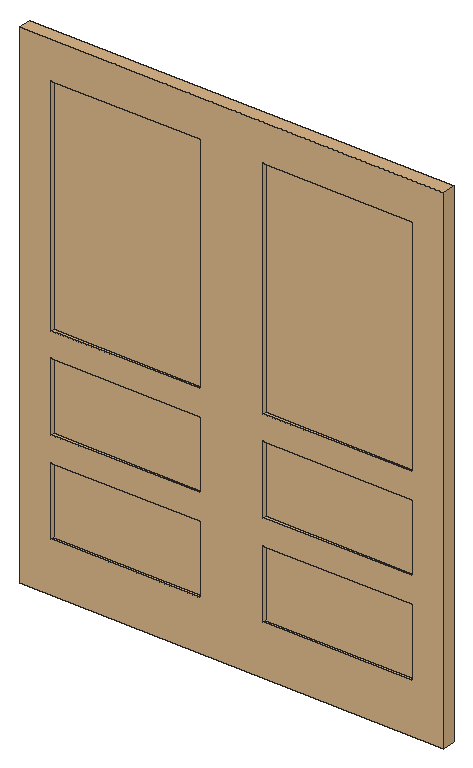
Revit family "0014_M_DR_W_double-panel 1_no trim", category 문, Revit 2026
Family settings
  호스트 = 벽
  항상 수직 = 예
  로드될 때 보이드를 사용하여 절단 = 아니오
  공유 = 아니오
  룸 계산 점 = 아니오
Parameters (values of type "68" x 80"")
  두께 = 0' - 2"
  조합 코드 = "C1020"
  기능 = 내부
  Door Material = Door - Panel
  Frame Material = Door - Frame
  Height = 6' - 8"
  Rail Width-Center = 0' - 4"
  Top Panel = 3' - 0"
  벽 마무리 = 호스트별
  Width = 5' - 8"
Types (6): name | 두께 | 조합 코드 | Height | Rail Width-Center | Top Panel | Width
  72" x 78" | 0' - 2" | "C1020" | 6' - 6" | 0' - 4" | 3' - 0" | 6' - 0"
  72" x 82" | 0' - 2" | "C1020" | 6' - 10" | 0' - 4" | 3' - 0" | 6' - 0"
  68" x 80" | 0' - 2" | "C1020" | 6' - 8" | 0' - 4" | 3' - 0" | 5' - 8"
  72" x 84" | 0' - 2" | "C1020" | 7' - 0" | 0' - 4" | 3' - 0" | 6' - 0"
  68" x 84" | 0' - 2" | "C1020" | 7' - 0" | 0' - 4" | 3' - 0" | 5' - 8"
  1830 x 2134mm | 0' - 1 31/32" | 0' - 0" | 7' - 0 1/64" | 0' - 3 15/16" | 3' - 0 3/128" | 6' - 0 3/64"
Reference planes (in)
  plane 1: y = 0
  plane 2: z = 0
  plane 3 "Center": x = 0
  plane 4 "Left": x = -34
  plane 5 "Right": x = 34
  plane 6 "Top": z = 80
  plane 7: z = 74
  plane 8: z = 38
  plane 9: z = 34
  plane 10: z = 23
  plane 11: z = 19
  plane 12: z = 8
  plane 13: x = 29
  plane 14: x = 5
  plane 15: x = -5
  plane 16: x = -29
Forms (in)
  Extrusion 1, solid, material "Door - Panel" <- "Door Material"
    sketch origin (-90, 4, 0) x (-1, 0, 0) y (0, 0, 1)
      loop
        line (-124, 80) -> (-124, 0) -> (-56, 0) -> (-56, 80) -> (-124, 80)
      loop
        line (-119, 74) -> (-119, 38) -> (-95, 38) -> (-95, 74) -> (-119, 74)
      loop
        line (-95, 23) -> (-95, 34) -> (-119, 34) -> (-119, 23) -> (-95, 23)
      loop
        line (-95, 19) -> (-119, 19) -> (-119, 8) -> (-95, 8) -> (-95, 19)
      loop
        line (-61, 74) -> (-85, 74) -> (-85, 38) -> (-61, 38) -> (-61, 74)
      loop
        line (-85, 34) -> (-85, 23) -> (-61, 23) -> (-61, 34) -> (-85, 34)
      loop
        line (-61, 8) -> (-61, 19) -> (-85, 19) -> (-85, 8) -> (-61, 8)
    from -3 to -1
  Extrusion 2, solid, material "Door - Panel" <- "Door Material"
    sketch origin (-90, 3, 0) x (-1, 0, 0) y (0, 0, 1)
      loop
        line (-119, 74) -> (-119, 38) -> (-95, 38) -> (-95, 74) -> (-119, 74)
      loop
        line (-95, 23) -> (-95, 34) -> (-119, 34) -> (-119, 23) -> (-95, 23)
      loop
        line (-95, 19) -> (-119, 19) -> (-119, 8) -> (-95, 8) -> (-95, 19)
      loop
        line (-61, 74) -> (-85, 74) -> (-85, 38) -> (-61, 38) -> (-61, 74)
      loop
        line (-85, 34) -> (-85, 23) -> (-61, 23) -> (-61, 34) -> (-85, 34)
      loop
        line (-85, 19) -> (-85, 8) -> (-61, 8) -> (-61, 19) -> (-85, 19)
    from -0.5 to -1.5
Lines and regions (in)
  Opening 1
    outline origin (-90, -3, 0) x (1, 0, 0) y (0, 0, 1)
      loop
        line (56, 0) -> (124, 0) -> (124, 80) -> (56, 80) -> (56, 0)
  symbolic lines, style "Elevation Swing"
    curve 1: line (0, 3, 0) -> (-34, 3, 40)
    curve 2: line (-34, 3, 40) -> (0, 3, 80)
    curve 11: line (0, 3, 80) -> (34, 3, 40)
    curve 12: line (0, 3, 0) -> (34, 3, 40)
    curve 13: line (0, -3, 80) -> (34, -3, 40)
    curve 14: line (0, -3, 0) -> (34, -3, 40)
  symbolic lines, style "DoorsPanelProjection"
    curve 3: line (-34, 3, 0) -> (-32, 3, 0)
    curve 4: line (-34, 3, 0) -> (-34, 37, 0)
    curve 5: line (-34, 37, 0) -> (-32, 37, 0)
    curve 6: line (-32, 3, 0) -> (-32, 37, 0)
    curve 7: line (34, 3, 0) -> (32, 3, 0)
    curve 8: line (34, 3, 0) -> (34, 37, 0)
    curve 9: line (32, 37, 0) -> (34, 37, 0)
    curve 10: line (32, 3, 0) -> (32, 37, 0)
  symbolic lines, style "Plan Swing"
    curve 15: arc (0, 3, 0) -> (-9.95837, 27.04163, 0) -> (-34, 37, 0) r 34
    curve 16: arc (0, 3, 0) -> (9.95837, 27.04163, 0) -> (34, 37, 0) r 34
  model lines, style "DoorsPanelProjection"
    curve 17: line (0, 3, 80) -> (0, 3, 0)
    curve 18: line (0, 1, 80) -> (0, 1, 0)
Text (in)
  text "Exterior" at (-58.67754, 33.12601, 0), in view "Floor Line"
  text "Interior" at (-58.34764, -25.14366, 0), in view "Floor Line"
  text "Exterior" at (0, 40.15149, 123.01588), in view "Right"
  text "Interior" at (0, -64.39139, 123.01588), in view "Right"
  text "Interior" at (0, -31.01599, 123.00693), in view "Left"
  text "Exterior" at (0, 54.57065, 123.00693), in view "Left"
Dimensions and locks (in)
  equal spacing: plane 4 "Left", plane 3 "Center", plane 5 "Right"  (x2)
  "Height": plane 2 to plane 6 "Top"
  equal spacing: host wall, curve 2, plane 6 "Top"
  "두께": curve 6 to curve 4
  "두께": curve 8 to curve 10
  equal spacing: host wall, curve 12, plane 6 "Top"
  locked: host wall to plane 12 at 8
  equal spacing: plane 12, plane 10, plane 8
  "Top Panel": plane 8 to plane 7
  plane 7 to plane 6 "Top" = 0' - 6"
  "Rail Width-Center": plane 9 to plane 8
  "Rail Width-Center": plane 11 to plane 10
  locked: plane 13 to plane 5 "Right" at 5
  locked: plane 16 to plane 4 "Left" at 5
  locked: plane 14 to plane 15 at 10
  "두께": Extrusion 1 to host wall
  locked: Extrusion 1 to Extrusion 2 at 0.5
  locked: host wall to Extrusion 2 at 0.5
  "Width": plane 4 "Left" to plane 5 "Right"
  aligned and locked: plane 4 "Left" to Opening 1 sketch curve
  aligned and locked: plane 6 "Top" to Opening 1 sketch curve  (x2)
  aligned and locked: Opening 1 sketch curve to plane 5 "Right"
  aligned and locked: Opening 1 sketch curve to level
  aligned and locked: plane 6 "Top" to curve 2
  aligned and locked: level to curve 1
  aligned and locked: Extrusion 1 sketch curve to plane 4 "Left"
  aligned and locked: plane 13 to Extrusion 1 sketch curve  (x2)
  aligned and locked: plane 7 to Extrusion 1 sketch curve
  aligned and locked: plane 8 to Extrusion 1 sketch curve  (x2)
  aligned and locked: plane 14 to Extrusion 1 sketch curve  (x3)
  aligned and locked: Extrusion 1 sketch curve to plane 10
  aligned and locked: plane 9 to Extrusion 1 sketch curve  (x2)
  aligned and locked: Extrusion 1 sketch curve to plane 13
  aligned and locked: Extrusion 1 sketch curve to plane 11
  aligned and locked: plane 12 to Extrusion 1 sketch curve
  aligned and locked: plane 16 to Extrusion 1 sketch curve  (x3)
  aligned and locked: Extrusion 1 sketch curve to plane 7
  aligned and locked: plane 15 to Extrusion 1 sketch curve  (x2)
  aligned and locked: plane 10 to Extrusion 1 sketch curve
  aligned and locked: Extrusion 1 sketch curve to plane 12
  aligned and locked: plane 11 to Extrusion 1 sketch curve
  aligned and locked: Extrusion 1 sketch curve to plane 15
  aligned and locked: plane 13 to Extrusion 2 sketch curve  (x2)
  aligned and locked: plane 7 to Extrusion 2 sketch curve
  aligned and locked: plane 8 to Extrusion 2 sketch curve  (x2)
  aligned and locked: plane 14 to Extrusion 2 sketch curve  (x3)
  aligned and locked: Extrusion 2 sketch curve to plane 10
  aligned and locked: Extrusion 2 sketch curve to Extrusion 1  (x2)
  aligned and locked: Extrusion 2 sketch curve to plane 11
  aligned and locked: plane 12 to Extrusion 2 sketch curve  (x2)
  aligned and locked: plane 16 to Extrusion 2 sketch curve  (x3)
  aligned and locked: Extrusion 2 sketch curve to plane 7
  aligned and locked: plane 15 to Extrusion 2 sketch curve  (x3)
  aligned and locked: plane 9 to Extrusion 2 sketch curve
  aligned and locked: plane 10 to Extrusion 2 sketch curve
  aligned and locked: plane 11 to Extrusion 2 sketch curve
  aligned and locked: curve 15 to curve 1
  aligned and locked: curve 17 to curve 18
  aligned and locked: host wall to Extrusion 1
Automatic sketch dimensions
  Extrusion 1 sketch curve to plane 6 "Top" = 0' - 0"
  curve 5 to plane 4 "Left" = 0' - 0"
  curve 15 to plane 3 "Center" = 0' - 0"
  curve 16 to plane 3 "Center" = 0' - 0"
  curve 7 to plane 5 "Right" = 0' - 0"
  curve 3 to curve 15 = 0' - 0"
  curve 8 to curve 16 = 0' - 0"
  Extrusion 1 sketch curve to level = 0' - 0"
  Extrusion 1 sketch curve to plane 5 "Right" = 0' - 0"
  curve 11 to plane 3 "Center" = 0' - 0"
  curve 17 to plane 3 "Center" = 0' - 0"
  curve 17 to plane 6 "Top" = 0' - 0"
  curve 18 to plane 6 "Top" = 0' - 0"
  curve 13 to plane 5 "Right" = 0' - 0"
  curve 17 to level = 0' - 0"
  curve 18 to level = 0' - 0"
  curve 13 to curve 12 = 0' - 0"
  curve 1 to plane 4 "Left" = 0' - 0"
  curve 12 to plane 3 "Center" = 0' - 0"
  curve 14 to plane 3 "Center" = 0' - 0"
  curve 12 to plane 5 "Right" = 0' - 0"
  curve 13 to plane 3 "Center" = 0' - 0"
  curve 13 to plane 6 "Top" = 0' - 0"
  curve 14 to level = 0' - 0"
